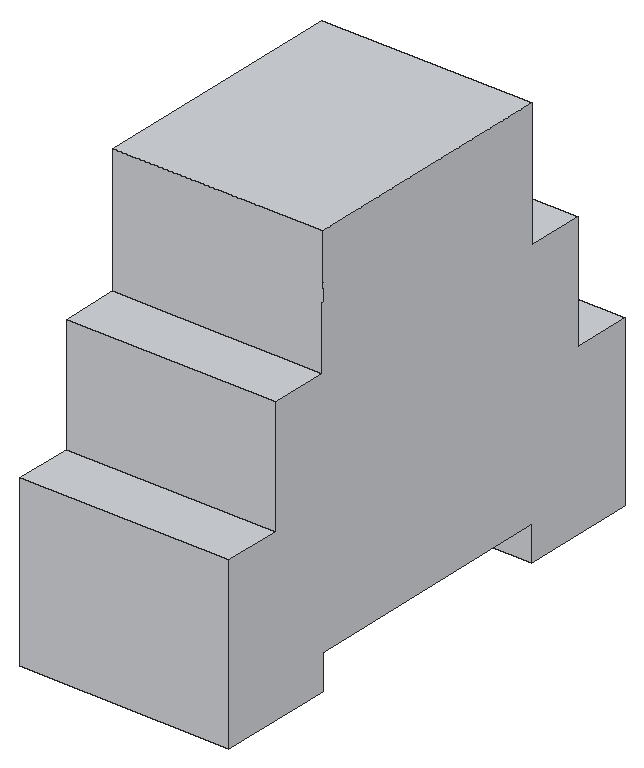
Revit family "Power-ModularDevices-GEWISS-90AM-BELL_TRANSFORMER", category Apparecchi elettrici, host Superficie, Revit 2016
Family settings
  Host = Superficie
  Mantenere orientamento annotazione = Sì
  Tipo di parte = Normale
  Quota connettore circolare = Usa diametro
  Numero OmniClass = 23.80.50.00
  Titolo OmniClass = Terminals for Power Supply
  Taglio con vuoti quando caricato = No
  Condiviso = No
  Punto di calcolo locali = Sì
Parameters (values of type "GW96403 - BELL 230V AC 2M. WITH TRANSFORMER")
  potenza in watt = 0 V
  carico = Altro
  Version file RFA = "18.0"
  URL = "https://www.gewiss.com/ww/en"
  Realized by GEWISS S.p.A. = ""
  Default Elevation = 1219.2 mm
  Produttore = "GEWISS S.p.A."
  Numero di poli_ = 1
  Modello = "GW96403"
  Immagine tipo = GW96408.jpg
  IFC.TypeObject = ""
  IFC.ExportType = ""
  IFC.ExportAs = ""
  IDF = "253cd50a-7af5-4766-8da6-f36dcc7ba399"
  Descrizione = "BELL 230V AC 2M. WITH TRANSFORMER"
  COBie.Tagnumber = ""
  COBie.CreatedOn = ""
  COBie.CreatebBy = ""
  COBie.ComponentRegisterItemID = ""
  COBie.Component.TagNumber = ""
  COBie.Component.Space = ""
  COBie.Component.SerialNumber = ""
  COBie.Component.InstallationDate = ""
  COBie.Component.Description = ""
  COBie.Component.BarCode = ""
  Barra_DIN [instance] = 71 mm
Values of the unnamed type that differ from the named types
  Version file RFA = ""
  IDF = ""
Reference planes
  plane 1 "Centro (Fronte/Retro)": y = 0
  plane 2: z = 0
  plane 3 "Centro (Sinistra/Destra)": x = 0
  plane 4: z = 71
Dimensions and locks
  "Barra_DIN": host face to plane 4
  aligned and locked: plane 2 to host face
  aligned and locked: level to host face
  aligned and locked: nested 1 to plane 4
Automatic sketch dimensions
  host sketch curve to host sketch curve = 2438.4 mm  (x2)
Nested families
  nested 1: "GENERICO - 90AM RONZATORI" at (0, 0, 6), type "GENERICO - 90AM RONZATORI"
Connectors
  electrical at (0, 42.5, 18.5), driven by "Numero di poli_", driven by "carico"
    settings: on nested 1, index 1, voltage 230 V, apparent load 0 VA, apparent load phase1 0 VA, apparent load phase2 0 VA, apparent load phase3 0 VA, power factor 1, load classification "Altro", number of poles 1, system type 31, power factor state 1, is connector primary yes, connector utility no, sub classification motor no, connector description ""
Definition of nested family "GENERICO - 90AM RONZATORI"
  Parameters (values of type "GENERICO - 90AM RONZATORI")
    h_barra din = if(Altezza barre = 1 mm, 69.9 mm, if(Altezza barre = 2 mm, 115.8 mm, 0 mm))  # 0 mm
    H = if(AB_O = 1, AB_V, if(AB_O = 2, AB_H, 50.8 mm))  # 50.8 mm
    Dist barra din = 0 mm  # constant formula
    C1 = 49 mm  # constant formula
    C = 65 mm  # constant formula
    B = 85 mm  # constant formula
    Altezza barre = 5 mm  # constant formula
    AB_V = 3 mm  # constant formula
    AB_H = 5 mm  # constant formula
    AB_O = 0  # constant formula
    A = 17.5 mm  # constant formula
  Reference planes
    plane 1 "Centro (Fronte/Retro)": y = 0
    plane 2: z = 0
    plane 3 "Centro (Sinistra/Destra)": x = 0
    plane 4: y = -42.5
    plane 5: y = 42.5
    plane 6: z = 0
    plane 7: z = -6
    plane 8 "top": z = 65
    plane 9 "incasso": z = 43
    plane 10: y = -22.5
    plane 11: y = 22.5
    plane 12: x = -8.75
    plane 13: x = 8.75
    plane 14: through (4267.2, -42.5, 9) normal (0, -0.1901, 0.9818)
    plane 15 "retro": z = 23
    plane 16: y = -32.5
    plane 17: y = 32.5
  Forms (mm)
    Extrusion 1, solid
      sketch origin (0, 0, 0) x (0, 1, 0) y (0, 0, 1)
        loop
          line (-22.5, 0) -> (22.5, 0) -> (22.5, -6) -> (42.5, -6) -> (42.5, 23) -> (32.5, 23) -> (32.5, 43) -> (22.5, 43) -> (22.5, 65) -> (-22.5, 65) -> (-22.5, 43) -> (-32.5, 43) -> (-32.5, 23) -> (-42.5, 23) -> (-42.5, -6) -> (-22.5, -6) -> (-22.5, 0)
      from -18 to 18
  Lines and regions (mm)
    symbolic lines
      curve 1: line (0, 0, 15) -> (0, 0, -6)
      curve 2: line (0, -22.5, 0) -> (0, 22.5, 0)
    model lines, detail levels medium+fine
      curve 3: circle (-4.005, 37.125, 23) r 2.5 normal (0, 0, 1)
      curve 4: circle (4.505, 37.125, 23) r 2.5 normal (0, 0, 1)
      curve 5: circle (4.505, -37.278, 23) r 2.5 normal (0, 0, 1)
      curve 6: circle (-4.005, -37.278, 23) r 2.5 normal (0, 0, 1)
      curve 92: line (-4.016, 12.5, 65) -> (-4.231, 11.981, 65)
      curve 93: line (-4.231, 11.981, 65) -> (-4.75, 11.766, 65)
      curve 94: line (-4.75, 11.766, 65) -> (-5.269, 11.981, 65)
      curve 95: line (-5.269, 11.981, 65) -> (-5.484, 12.5, 65)
      curve 96: line (-5.484, 12.5, 65) -> (-5.269, 13.019, 65)
      curve 97: line (-5.269, 13.019, 65) -> (-4.75, 13.234, 65)
      curve 98: line (-4.75, 13.234, 65) -> (-4.231, 13.019, 65)
      curve 99: line (-4.231, 13.019, 65) -> (-4.016, 12.5, 65)
      curve 100: line (0.984, 12.5, 65) -> (0.769, 11.981, 65)
      curve 101: line (0.769, 11.981, 65) -> (0.25, 11.766, 65)
      curve 102: line (0.25, 11.766, 65) -> (-0.269, 11.981, 65)
      curve 103: line (-0.269, 11.981, 65) -> (-0.484, 12.5, 65)
      curve 104: line (-0.484, 12.5, 65) -> (-0.269, 13.019, 65)
      curve 105: line (-0.269, 13.019, 65) -> (0.25, 13.234, 65)
      curve 106: line (0.25, 13.234, 65) -> (0.769, 13.019, 65)
      curve 107: line (0.769, 13.019, 65) -> (0.984, 12.5, 65)
      curve 108: line (5.984, 12.5, 65) -> (5.769, 11.981, 65)
      curve 109: line (5.769, 11.981, 65) -> (5.25, 11.766, 65)
      curve 110: line (5.25, 11.766, 65) -> (4.731, 11.981, 65)
      curve 111: line (4.731, 11.981, 65) -> (4.516, 12.5, 65)
      curve 112: line (4.516, 12.5, 65) -> (4.731, 13.019, 65)
      curve 113: line (4.731, 13.019, 65) -> (5.25, 13.234, 65)
      curve 114: line (5.25, 13.234, 65) -> (5.769, 13.019, 65)
      curve 115: line (5.769, 13.019, 65) -> (5.984, 12.5, 65)
      curve 116: line (-4.016, 7.5, 65) -> (-4.231, 6.981, 65)
      curve 117: line (-4.231, 6.981, 65) -> (-4.75, 6.766, 65)
      curve 118: line (-4.75, 6.766, 65) -> (-5.269, 6.981, 65)
      curve 119: line (-5.269, 6.981, 65) -> (-5.484, 7.5, 65)
      curve 120: line (-5.484, 7.5, 65) -> (-5.269, 8.019, 65)
      curve 121: line (-5.269, 8.019, 65) -> (-4.75, 8.234, 65)
      curve 122: line (-4.75, 8.234, 65) -> (-4.231, 8.019, 65)
      curve 123: line (-4.231, 8.019, 65) -> (-4.016, 7.5, 65)
      curve 124: line (0.984, 7.5, 65) -> (0.769, 6.981, 65)
      curve 125: line (0.769, 6.981, 65) -> (0.25, 6.766, 65)
      curve 126: line (0.25, 6.766, 65) -> (-0.269, 6.981, 65)
      curve 127: line (-0.269, 6.981, 65) -> (-0.484, 7.5, 65)
      curve 128: line (-0.484, 7.5, 65) -> (-0.269, 8.019, 65)
      curve 129: line (-0.269, 8.019, 65) -> (0.25, 8.234, 65)
      curve 130: line (0.25, 8.234, 65) -> (0.769, 8.019, 65)
      curve 131: line (0.769, 8.019, 65) -> (0.984, 7.5, 65)
      curve 132: line (5.984, 7.5, 65) -> (5.769, 6.981, 65)
      curve 133: line (5.769, 6.981, 65) -> (5.25, 6.766, 65)
      curve 134: line (5.25, 6.766, 65) -> (4.731, 6.981, 65)
      curve 135: line (4.731, 6.981, 65) -> (4.516, 7.5, 65)
      curve 136: line (4.516, 7.5, 65) -> (4.731, 8.019, 65)
      curve 137: line (4.731, 8.019, 65) -> (5.25, 8.234, 65)
      curve 138: line (5.25, 8.234, 65) -> (5.769, 8.019, 65)
      curve 139: line (5.769, 8.019, 65) -> (5.984, 7.5, 65)
      curve 140: line (-4.016, 2.5, 65) -> (-4.231, 1.981, 65)
      curve 141: line (-4.231, 1.981, 65) -> (-4.75, 1.766, 65)
      curve 142: line (-4.75, 1.766, 65) -> (-5.269, 1.981, 65)
      curve 143: line (-5.269, 1.981, 65) -> (-5.484, 2.5, 65)
      curve 144: line (-5.484, 2.5, 65) -> (-5.269, 3.019, 65)
      curve 145: line (-5.269, 3.019, 65) -> (-4.75, 3.234, 65)
      curve 146: line (-4.75, 3.234, 65) -> (-4.231, 3.019, 65)
      curve 147: line (-4.231, 3.019, 65) -> (-4.016, 2.5, 65)
      curve 148: line (0.984, 2.5, 65) -> (0.769, 1.981, 65)
      curve 149: line (0.769, 1.981, 65) -> (0.25, 1.766, 65)
      curve 150: line (0.25, 1.766, 65) -> (-0.269, 1.981, 65)
      curve 151: line (-0.269, 1.981, 65) -> (-0.484, 2.5, 65)
      curve 152: line (-0.484, 2.5, 65) -> (-0.269, 3.019, 65)
      curve 153: line (-0.269, 3.019, 65) -> (0.25, 3.234, 65)
      curve 154: line (0.25, 3.234, 65) -> (0.769, 3.019, 65)
      curve 155: line (0.769, 3.019, 65) -> (0.984, 2.5, 65)
      curve 156: line (5.984, 2.5, 65) -> (5.769, 1.981, 65)
      curve 157: line (5.769, 1.981, 65) -> (5.25, 1.766, 65)
      curve 158: line (5.25, 1.766, 65) -> (4.731, 1.981, 65)
      curve 159: line (4.731, 1.981, 65) -> (4.516, 2.5, 65)
      curve 160: line (4.516, 2.5, 65) -> (4.731, 3.019, 65)
      curve 161: line (4.731, 3.019, 65) -> (5.25, 3.234, 65)
      curve 162: line (5.25, 3.234, 65) -> (5.769, 3.019, 65)
      curve 163: line (5.769, 3.019, 65) -> (5.984, 2.5, 65)
      curve 164: line (-4.016, -2.5, 65) -> (-4.231, -3.019, 65)
      curve 165: line (-4.231, -3.019, 65) -> (-4.75, -3.234, 65)
      curve 166: line (-4.75, -3.234, 65) -> (-5.269, -3.019, 65)
      curve 167: line (-5.269, -3.019, 65) -> (-5.484, -2.5, 65)
      curve 168: line (-5.484, -2.5, 65) -> (-5.269, -1.981, 65)
      curve 169: line (-5.269, -1.981, 65) -> (-4.75, -1.766, 65)
      curve 170: line (-4.75, -1.766, 65) -> (-4.231, -1.981, 65)
      curve 171: line (-4.231, -1.981, 65) -> (-4.016, -2.5, 65)
      curve 172: line (0.984, -2.5, 65) -> (0.769, -3.019, 65)
      curve 173: line (0.769, -3.019, 65) -> (0.25, -3.234, 65)
      curve 174: line (0.25, -3.234, 65) -> (-0.269, -3.019, 65)
      curve 175: line (-0.269, -3.019, 65) -> (-0.484, -2.5, 65)
      curve 176: line (-0.484, -2.5, 65) -> (-0.269, -1.981, 65)
      curve 177: line (-0.269, -1.981, 65) -> (0.25, -1.766, 65)
      curve 178: line (0.25, -1.766, 65) -> (0.769, -1.981, 65)
      curve 179: line (0.769, -1.981, 65) -> (0.984, -2.5, 65)
      curve 180: line (5.984, -2.5, 65) -> (5.769, -3.019, 65)
      curve 181: line (5.769, -3.019, 65) -> (5.25, -3.234, 65)
      curve 182: line (5.25, -3.234, 65) -> (4.731, -3.019, 65)
      curve 183: line (4.731, -3.019, 65) -> (4.516, -2.5, 65)
      curve 184: line (4.516, -2.5, 65) -> (4.731, -1.981, 65)
      curve 185: line (4.731, -1.981, 65) -> (5.25, -1.766, 65)
      curve 186: line (5.25, -1.766, 65) -> (5.769, -1.981, 65)
      curve 187: line (5.769, -1.981, 65) -> (5.984, -2.5, 65)
      curve 188: line (-4.016, -7.5, 65) -> (-4.231, -8.019, 65)
      curve 189: line (-4.231, -8.019, 65) -> (-4.75, -8.234, 65)
      curve 190: line (-4.75, -8.234, 65) -> (-5.269, -8.019, 65)
      curve 191: line (-5.269, -8.019, 65) -> (-5.484, -7.5, 65)
      curve 192: line (-5.484, -7.5, 65) -> (-5.269, -6.981, 65)
      curve 193: line (-5.269, -6.981, 65) -> (-4.75, -6.766, 65)
      curve 194: line (-4.75, -6.766, 65) -> (-4.231, -6.981, 65)
      curve 195: line (-4.231, -6.981, 65) -> (-4.016, -7.5, 65)
      curve 196: line (0.984, -7.5, 65) -> (0.769, -8.019, 65)
      curve 197: line (0.769, -8.019, 65) -> (0.25, -8.234, 65)
      curve 198: line (0.25, -8.234, 65) -> (-0.269, -8.019, 65)
      curve 199: line (-0.269, -8.019, 65) -> (-0.484, -7.5, 65)
      curve 200: line (-0.484, -7.5, 65) -> (-0.269, -6.981, 65)
      curve 201: line (-0.269, -6.981, 65) -> (0.25, -6.766, 65)
      curve 202: line (0.25, -6.766, 65) -> (0.769, -6.981, 65)
      curve 203: line (0.769, -6.981, 65) -> (0.984, -7.5, 65)
      curve 204: line (5.984, -7.5, 65) -> (5.769, -8.019, 65)
      curve 205: line (5.769, -8.019, 65) -> (5.25, -8.234, 65)
      curve 206: line (5.25, -8.234, 65) -> (4.731, -8.019, 65)
      curve 207: line (4.731, -8.019, 65) -> (4.516, -7.5, 65)
      curve 208: line (4.516, -7.5, 65) -> (4.731, -6.981, 65)
      curve 209: line (4.731, -6.981, 65) -> (5.25, -6.766, 65)
      curve 210: line (5.25, -6.766, 65) -> (5.769, -6.981, 65)
      curve 211: line (5.769, -6.981, 65) -> (5.984, -7.5, 65)
      curve 212: line (-14.016, 12.5, 65) -> (-14.231, 11.981, 65)
      curve 213: line (-14.231, 11.981, 65) -> (-14.75, 11.766, 65)
      curve 214: line (-14.75, 11.766, 65) -> (-15.269, 11.981, 65)
      curve 215: line (-15.269, 11.981, 65) -> (-15.484, 12.5, 65)
      curve 216: line (-15.484, 12.5, 65) -> (-15.269, 13.019, 65)
      curve 217: line (-15.269, 13.019, 65) -> (-14.75, 13.234, 65)
      curve 218: line (-14.75, 13.234, 65) -> (-14.231, 13.019, 65)
      curve 219: line (-14.231, 13.019, 65) -> (-14.016, 12.5, 65)
      curve 220: line (-9.016, 12.5, 65) -> (-9.231, 11.981, 65)
      curve 221: line (-9.231, 11.981, 65) -> (-9.75, 11.766, 65)
      curve 222: line (-9.75, 11.766, 65) -> (-10.269, 11.981, 65)
      curve 223: line (-10.269, 11.981, 65) -> (-10.484, 12.5, 65)
      curve 224: line (-10.484, 12.5, 65) -> (-10.269, 13.019, 65)
      curve 225: line (-10.269, 13.019, 65) -> (-9.75, 13.234, 65)
      curve 226: line (-9.75, 13.234, 65) -> (-9.231, 13.019, 65)
      curve 227: line (-9.231, 13.019, 65) -> (-9.016, 12.5, 65)
      curve 228: line (-14.016, 7.5, 65) -> (-14.231, 6.981, 65)
      curve 229: line (-14.231, 6.981, 65) -> (-14.75, 6.766, 65)
      curve 230: line (-14.75, 6.766, 65) -> (-15.269, 6.981, 65)
      curve 231: line (-15.269, 6.981, 65) -> (-15.484, 7.5, 65)
      curve 232: line (-15.484, 7.5, 65) -> (-15.269, 8.019, 65)
      curve 233: line (-15.269, 8.019, 65) -> (-14.75, 8.234, 65)
      curve 234: line (-14.75, 8.234, 65) -> (-14.231, 8.019, 65)
      curve 235: line (-14.231, 8.019, 65) -> (-14.016, 7.5, 65)
      curve 236: line (-9.016, 7.5, 65) -> (-9.231, 6.981, 65)
      curve 237: line (-9.231, 6.981, 65) -> (-9.75, 6.766, 65)
      curve 238: line (-9.75, 6.766, 65) -> (-10.269, 6.981, 65)
      curve 239: line (-10.269, 6.981, 65) -> (-10.484, 7.5, 65)
      curve 240: line (-10.484, 7.5, 65) -> (-10.269, 8.019, 65)
      curve 241: line (-10.269, 8.019, 65) -> (-9.75, 8.234, 65)
      curve 242: line (-9.75, 8.234, 65) -> (-9.231, 8.019, 65)
      curve 243: line (-9.231, 8.019, 65) -> (-9.016, 7.5, 65)
      curve 244: line (-14.016, 2.5, 65) -> (-14.231, 1.981, 65)
      curve 245: line (-14.231, 1.981, 65) -> (-14.75, 1.766, 65)
      curve 246: line (-14.75, 1.766, 65) -> (-15.269, 1.981, 65)
      curve 247: line (-15.269, 1.981, 65) -> (-15.484, 2.5, 65)
      curve 248: line (-15.484, 2.5, 65) -> (-15.269, 3.019, 65)
      curve 249: line (-15.269, 3.019, 65) -> (-14.75, 3.234, 65)
      curve 250: line (-14.75, 3.234, 65) -> (-14.231, 3.019, 65)
      curve 251: line (-14.231, 3.019, 65) -> (-14.016, 2.5, 65)
      curve 252: line (-9.016, 2.5, 65) -> (-9.231, 1.981, 65)
      curve 253: line (-9.231, 1.981, 65) -> (-9.75, 1.766, 65)
      curve 254: line (-9.75, 1.766, 65) -> (-10.269, 1.981, 65)
      curve 255: line (-10.269, 1.981, 65) -> (-10.484, 2.5, 65)
      curve 256: line (-10.484, 2.5, 65) -> (-10.269, 3.019, 65)
      curve 257: line (-10.269, 3.019, 65) -> (-9.75, 3.234, 65)
      curve 258: line (-9.75, 3.234, 65) -> (-9.231, 3.019, 65)
      curve 259: line (-9.231, 3.019, 65) -> (-9.016, 2.5, 65)
      curve 260: line (-14.016, -2.5, 65) -> (-14.231, -3.019, 65)
      curve 261: line (-14.231, -3.019, 65) -> (-14.75, -3.234, 65)
      curve 262: line (-14.75, -3.234, 65) -> (-15.269, -3.019, 65)
      curve 263: line (-15.269, -3.019, 65) -> (-15.484, -2.5, 65)
      curve 264: line (-15.484, -2.5, 65) -> (-15.269, -1.981, 65)
      curve 265: line (-15.269, -1.981, 65) -> (-14.75, -1.766, 65)
      curve 266: line (-14.75, -1.766, 65) -> (-14.231, -1.981, 65)
      curve 267: line (-14.231, -1.981, 65) -> (-14.016, -2.5, 65)
      curve 268: line (-9.016, -2.5, 65) -> (-9.231, -3.019, 65)
      curve 269: line (-9.231, -3.019, 65) -> (-9.75, -3.234, 65)
      curve 270: line (-9.75, -3.234, 65) -> (-10.269, -3.019, 65)
      curve 271: line (-10.269, -3.019, 65) -> (-10.484, -2.5, 65)
      curve 272: line (-10.484, -2.5, 65) -> (-10.269, -1.981, 65)
      curve 273: line (-10.269, -1.981, 65) -> (-9.75, -1.766, 65)
      curve 274: line (-9.75, -1.766, 65) -> (-9.231, -1.981, 65)
      curve 275: line (-9.231, -1.981, 65) -> (-9.016, -2.5, 65)
      curve 276: line (-14.016, -7.5, 65) -> (-14.231, -8.019, 65)
      curve 277: line (-14.231, -8.019, 65) -> (-14.75, -8.234, 65)
      curve 278: line (-14.75, -8.234, 65) -> (-15.269, -8.019, 65)
      curve 279: line (-15.269, -8.019, 65) -> (-15.484, -7.5, 65)
      curve 280: line (-15.484, -7.5, 65) -> (-15.269, -6.981, 65)
      curve 281: line (-15.269, -6.981, 65) -> (-14.75, -6.766, 65)
      curve 282: line (-14.75, -6.766, 65) -> (-14.231, -6.981, 65)
      curve 283: line (-14.231, -6.981, 65) -> (-14.016, -7.5, 65)
      curve 284: line (-9.016, -7.5, 65) -> (-9.231, -8.019, 65)
      curve 285: line (-9.231, -8.019, 65) -> (-9.75, -8.234, 65)
      curve 286: line (-9.75, -8.234, 65) -> (-10.269, -8.019, 65)
      curve 287: line (-10.269, -8.019, 65) -> (-10.484, -7.5, 65)
      curve 288: line (-10.484, -7.5, 65) -> (-10.269, -6.981, 65)
      curve 289: line (-10.269, -6.981, 65) -> (-9.75, -6.766, 65)
      curve 290: line (-9.75, -6.766, 65) -> (-9.231, -6.981, 65)
      curve 291: line (-9.231, -6.981, 65) -> (-9.016, -7.5, 65)
      curve 292: line (10.984, 12.5, 65) -> (10.769, 11.981, 65)
      curve 293: line (10.769, 11.981, 65) -> (10.25, 11.766, 65)
      curve 294: line (10.25, 11.766, 65) -> (9.731, 11.981, 65)
      curve 295: line (9.731, 11.981, 65) -> (9.516, 12.5, 65)
      curve 296: line (9.516, 12.5, 65) -> (9.731, 13.019, 65)
      curve 297: line (9.731, 13.019, 65) -> (10.25, 13.234, 65)
      curve 298: line (10.25, 13.234, 65) -> (10.769, 13.019, 65)
      curve 299: line (10.769, 13.019, 65) -> (10.984, 12.5, 65)
      curve 300: line (15.984, 12.5, 65) -> (15.769, 11.981, 65)
      curve 301: line (15.769, 11.981, 65) -> (15.25, 11.766, 65)
      curve 302: line (15.25, 11.766, 65) -> (14.731, 11.981, 65)
      curve 303: line (14.731, 11.981, 65) -> (14.516, 12.5, 65)
      curve 304: line (14.516, 12.5, 65) -> (14.731, 13.019, 65)
      curve 305: line (14.731, 13.019, 65) -> (15.25, 13.234, 65)
      curve 306: line (15.25, 13.234, 65) -> (15.769, 13.019, 65)
      curve 307: line (15.769, 13.019, 65) -> (15.984, 12.5, 65)
      curve 308: line (10.984, 7.5, 65) -> (10.769, 6.981, 65)
      curve 309: line (10.769, 6.981, 65) -> (10.25, 6.766, 65)
      curve 310: line (10.25, 6.766, 65) -> (9.731, 6.981, 65)
      curve 311: line (9.731, 6.981, 65) -> (9.516, 7.5, 65)
      curve 312: line (9.516, 7.5, 65) -> (9.731, 8.019, 65)
      curve 313: line (9.731, 8.019, 65) -> (10.25, 8.234, 65)
      curve 314: line (10.25, 8.234, 65) -> (10.769, 8.019, 65)
      curve 315: line (10.769, 8.019, 65) -> (10.984, 7.5, 65)
      curve 316: line (15.984, 7.5, 65) -> (15.769, 6.981, 65)
      curve 317: line (15.769, 6.981, 65) -> (15.25, 6.766, 65)
      curve 318: line (15.25, 6.766, 65) -> (14.731, 6.981, 65)
      curve 319: line (14.731, 6.981, 65) -> (14.516, 7.5, 65)
      curve 320: line (14.516, 7.5, 65) -> (14.731, 8.019, 65)
      curve 321: line (14.731, 8.019, 65) -> (15.25, 8.234, 65)
      curve 322: line (15.25, 8.234, 65) -> (15.769, 8.019, 65)
      curve 323: line (15.769, 8.019, 65) -> (15.984, 7.5, 65)
      curve 324: line (10.984, 2.5, 65) -> (10.769, 1.981, 65)
      curve 325: line (10.769, 1.981, 65) -> (10.25, 1.766, 65)
      curve 326: line (10.25, 1.766, 65) -> (9.731, 1.981, 65)
      curve 327: line (9.731, 1.981, 65) -> (9.516, 2.5, 65)
      curve 328: line (9.516, 2.5, 65) -> (9.731, 3.019, 65)
      curve 329: line (9.731, 3.019, 65) -> (10.25, 3.234, 65)
      curve 330: line (10.25, 3.234, 65) -> (10.769, 3.019, 65)
      curve 331: line (10.769, 3.019, 65) -> (10.984, 2.5, 65)
      curve 332: line (15.984, 2.5, 65) -> (15.769, 1.981, 65)
      curve 333: line (15.769, 1.981, 65) -> (15.25, 1.766, 65)
      curve 334: line (15.25, 1.766, 65) -> (14.731, 1.981, 65)
      curve 335: line (14.731, 1.981, 65) -> (14.516, 2.5, 65)
      curve 336: line (14.516, 2.5, 65) -> (14.731, 3.019, 65)
      curve 337: line (14.731, 3.019, 65) -> (15.25, 3.234, 65)
      curve 338: line (15.25, 3.234, 65) -> (15.769, 3.019, 65)
      curve 339: line (15.769, 3.019, 65) -> (15.984, 2.5, 65)
      curve 340: line (10.984, -2.5, 65) -> (10.769, -3.019, 65)
      curve 341: line (10.769, -3.019, 65) -> (10.25, -3.234, 65)
      curve 342: line (10.25, -3.234, 65) -> (9.731, -3.019, 65)
      curve 343: line (9.731, -3.019, 65) -> (9.516, -2.5, 65)
      curve 344: line (9.516, -2.5, 65) -> (9.731, -1.981, 65)
      curve 345: line (9.731, -1.981, 65) -> (10.25, -1.766, 65)
      curve 346: line (10.25, -1.766, 65) -> (10.769, -1.981, 65)
      curve 347: line (10.769, -1.981, 65) -> (10.984, -2.5, 65)
      curve 348: line (15.984, -2.5, 65) -> (15.769, -3.019, 65)
      curve 349: line (15.769, -3.019, 65) -> (15.25, -3.234, 65)
      curve 350: line (15.25, -3.234, 65) -> (14.731, -3.019, 65)
      curve 351: line (14.731, -3.019, 65) -> (14.516, -2.5, 65)
      curve 352: line (14.516, -2.5, 65) -> (14.731, -1.981, 65)
      curve 353: line (14.731, -1.981, 65) -> (15.25, -1.766, 65)
      curve 354: line (15.25, -1.766, 65) -> (15.769, -1.981, 65)
      curve 355: line (15.769, -1.981, 65) -> (15.984, -2.5, 65)
      curve 356: line (10.984, -7.5, 65) -> (10.769, -8.019, 65)
      curve 357: line (10.769, -8.019, 65) -> (10.25, -8.234, 65)
      curve 358: line (10.25, -8.234, 65) -> (9.731, -8.019, 65)
      curve 359: line (9.731, -8.019, 65) -> (9.516, -7.5, 65)
      curve 360: line (9.516, -7.5, 65) -> (9.731, -6.981, 65)
      curve 361: line (9.731, -6.981, 65) -> (10.25, -6.766, 65)
      curve 362: line (10.25, -6.766, 65) -> (10.769, -6.981, 65)
      curve 363: line (10.769, -6.981, 65) -> (10.984, -7.5, 65)
      curve 364: line (15.984, -7.5, 65) -> (15.769, -8.019, 65)
      curve 365: line (15.769, -8.019, 65) -> (15.25, -8.234, 65)
      curve 366: line (15.25, -8.234, 65) -> (14.731, -8.019, 65)
      curve 367: line (14.731, -8.019, 65) -> (14.516, -7.5, 65)
      curve 368: line (14.516, -7.5, 65) -> (14.731, -6.981, 65)
      curve 369: line (14.731, -6.981, 65) -> (15.25, -6.766, 65)
      curve 370: line (15.25, -6.766, 65) -> (15.769, -6.981, 65)
      curve 371: line (15.769, -6.981, 65) -> (15.984, -7.5, 65)
      curve 372: circle (12.967, 37.125, 23) r 2.5 normal (0, 0, 1)
      curve 373: circle (-12.508, 37.125, 23) r 2.5 normal (0, 0, 1)
      curve 374: circle (13.018, -37.278, 23) r 2.5 normal (0, 0, 1)
      curve 375: circle (-12.473, -37.278, 23) r 2.5 normal (0, 0, 1)
    model lines, detail levels fine
      curve 7: line (-14.299, -19.371, 65) -> (-14.299, -21.488, 65)
      curve 8: line (-14.299, -21.488, 65) -> (-15.008, -21.488, 65)
      curve 9: line (-15.008, -21.488, 65) -> (-15.419, -21.436, 65)
      curve 10: line (-15.419, -21.436, 65) -> (-15.923, -21.213, 65)
      curve 11: line (-15.923, -21.213, 65) -> (-16.322, -20.842, 65)
      curve 12: line (-16.322, -20.842, 65) -> (-16.587, -20.343, 65)
      curve 13: line (-16.587, -20.343, 65) -> (-16.669, -19.81, 65)
      curve 14: line (-16.669, -19.81, 65) -> (-16.589, -19.32, 65)
      curve 15: line (-16.589, -19.32, 65) -> (-16.377, -18.887, 65)
      curve 16: line (-16.377, -18.887, 65) -> (-15.995, -18.492, 65)
      curve 17: line (-15.995, -18.492, 65) -> (-15.534, -18.252, 65)
      curve 18: line (-15.534, -18.252, 65) -> (-15.015, -18.166, 65)
      curve 19: line (-15.015, -18.166, 65) -> (-14.299, -18.166, 65)
      curve 20: line (-14.299, -18.166, 65) -> (-14.299, -19.079, 65)
      curve 21: line (-14.299, -19.079, 65) -> (-15.504, -19.079, 65)
      curve 22: line (-15.504, -19.079, 65) -> (-15.504, -20.575, 65)
      curve 23: line (-15.504, -20.575, 65) -> (-15.21, -20.575, 65)
      curve 24: line (-15.21, -20.575, 65) -> (-15.21, -19.371, 65)
      curve 25: line (-15.21, -19.371, 65) -> (-14.299, -19.371, 65)
      curve 26: line (-11.434, -21.488, 65) -> (-14.007, -21.488, 65)
      curve 27: line (-14.007, -21.488, 65) -> (-14.007, -18.166, 65)
      curve 28: line (-14.007, -18.166, 65) -> (-12.638, -18.166, 65)
      curve 29: line (-12.638, -18.166, 65) -> (-12.638, -19.079, 65)
      curve 30: line (-12.638, -19.079, 65) -> (-13.095, -19.079, 65)
      curve 31: line (-13.095, -19.079, 65) -> (-13.095, -19.371, 65)
      curve 32: line (-13.095, -19.371, 65) -> (-11.434, -19.371, 65)
      curve 33: line (-11.434, -19.371, 65) -> (-11.434, -20.283, 65)
      curve 34: line (-11.434, -20.283, 65) -> (-13.094, -20.283, 65)
      curve 35: line (-13.094, -20.283, 65) -> (-13.094, -20.575, 65)
      curve 36: line (-13.094, -20.575, 65) -> (-11.434, -20.575, 65)
      curve 37: line (-11.434, -20.575, 65) -> (-11.434, -21.488, 65)
      curve 38: line (-6.781, -21.488, 65) -> (-6.781, -19.371, 65)
      curve 39: line (-6.781, -19.371, 65) -> (-7.693, -19.371, 65)
      curve 40: line (-7.693, -19.371, 65) -> (-7.693, -21.488, 65)
      curve 41: line (-7.693, -21.488, 65) -> (-6.781, -21.488, 65)
      curve 42: line (-9.837, -21.488, 65) -> (-9.564, -20.119, 65)
      curve 43: line (-9.564, -20.119, 65) -> (-9.29, -21.488, 65)
      curve 44: line (-9.29, -21.488, 65) -> (-8.378, -21.488, 65)
      curve 45: line (-8.378, -21.488, 65) -> (-7.812, -19.079, 65)
      curve 46: line (-7.812, -19.079, 65) -> (-6.781, -19.079, 65)
      curve 47: line (-6.781, -19.079, 65) -> (-6.781, -18.166, 65)
      curve 48: line (-6.781, -18.166, 65) -> (-8.533, -18.166, 65)
      curve 49: line (-8.533, -18.166, 65) -> (-8.861, -19.572, 65)
      curve 50: line (-8.861, -19.572, 65) -> (-9.089, -18.166, 65)
      curve 51: line (-9.089, -18.166, 65) -> (-10.038, -18.166, 65)
      curve 52: line (-10.038, -18.166, 65) -> (-10.266, -19.572, 65)
      curve 53: line (-10.266, -19.572, 65) -> (-10.595, -18.166, 65)
      curve 54: line (-10.595, -18.166, 65) -> (-12.346, -18.166, 65)
      curve 55: line (-12.346, -18.166, 65) -> (-12.346, -19.079, 65)
      curve 56: line (-12.346, -19.079, 65) -> (-11.315, -19.079, 65)
      curve 57: line (-11.315, -19.079, 65) -> (-10.751, -21.488, 65)
      curve 58: line (-10.751, -21.488, 65) -> (-9.837, -21.488, 65)
      curve 59: line (-3.916, -18.166, 65) -> (-6.489, -18.166, 65)
      curve 60: line (-6.489, -18.166, 65) -> (-6.489, -20.283, 65)
      curve 61: line (-6.489, -20.283, 65) -> (-4.828, -20.283, 65)
      curve 62: line (-4.828, -20.283, 65) -> (-4.828, -20.575, 65)
      curve 63: line (-4.828, -20.575, 65) -> (-6.489, -20.575, 65)
      curve 64: line (-6.489, -20.575, 65) -> (-6.489, -21.488, 65)
      curve 65: line (-6.489, -21.488, 65) -> (-3.916, -21.488, 65)
      curve 66: line (-3.916, -21.488, 65) -> (-3.916, -19.371, 65)
      curve 67: line (-3.916, -19.371, 65) -> (-5.576, -19.371, 65)
      curve 68: line (-5.576, -19.371, 65) -> (-5.576, -19.079, 65)
      curve 69: line (-5.576, -19.079, 65) -> (-3.916, -19.079, 65)
      curve 70: line (-3.916, -19.079, 65) -> (-3.916, -18.166, 65)
      curve 71: line (-3.624, -18.166, 65) -> (-3.624, -20.283, 65)
      curve 72: line (-3.624, -20.283, 65) -> (-2.075, -20.283, 65)
      curve 73: line (-2.075, -20.283, 65) -> (-2.075, -20.575, 65)
      curve 74: line (-2.075, -20.575, 65) -> (-3.624, -20.575, 65)
      curve 75: line (-3.624, -20.575, 65) -> (-3.624, -21.488, 65)
      curve 76: line (-3.624, -21.488, 65) -> (-2.712, -21.488, 65)
      curve 77: line (-2.712, -21.488, 65) -> (-2.185, -21.318, 65)
      curve 78: line (-2.185, -21.318, 65) -> (-1.845, -21.097, 65)
      curve 79: line (-1.845, -21.097, 65) -> (-1.455, -20.619, 65)
      curve 80: line (-1.455, -20.619, 65) -> (-1.274, -20.083, 65)
      curve 81: line (-1.274, -20.083, 65) -> (-1.269, -19.607, 65)
      curve 82: line (-1.269, -19.607, 65) -> (-1.318, -19.371, 65)
      curve 83: line (-1.318, -19.371, 65) -> (-2.712, -19.371, 65)
      curve 84: line (-2.712, -19.371, 65) -> (-2.712, -19.079, 65)
      curve 85: line (-2.712, -19.079, 65) -> (-1.443, -19.079, 65)
      curve 86: line (-1.443, -19.079, 65) -> (-1.607, -18.803, 65)
      curve 87: line (-1.607, -18.803, 65) -> (-1.845, -18.557, 65)
      curve 88: line (-1.845, -18.557, 65) -> (-2.175, -18.34, 65)
      curve 89: line (-2.175, -18.34, 65) -> (-2.52, -18.214, 65)
      curve 90: line (-2.52, -18.214, 65) -> (-2.908, -18.166, 65)
      curve 91: line (-2.908, -18.166, 65) -> (-3.624, -18.166, 65)
  Text (mm)
    text "AB_V" at (0, 50.868, 44.72), in view "Destra"
    text "AB_O" at (0, -80.659, 111.963), in view "Destra"
  Dimensions and locks
    equal spacing: plane 4, plane 1 "Centro (Fronte/Retro)", plane 5
    "B": plane 4 to plane 5
    "Dist barra din": plane 6 to level
    locked: plane 6 to plane 7 at 6
    "C": plane 8 "top" to plane 6
    equal spacing: plane 10, plane 1 "Centro (Fronte/Retro)", plane 11
    plane 10 to plane 11 = 45 mm
    equal spacing: plane 12, plane 3 "Centro (Sinistra/Destra)", plane 13
    "A": plane 12 to plane 13
    "C1": plane 9 "incasso" to plane 7
    locked: plane 16 to plane 10 at 10
    locked: plane 11 to plane 17 at 10
    angle level to plane 14 = 10.9557°
    angle plane 4 to plane 8 "top" = 90.00°
    aligned and locked: level to plane 2
    aligned and locked: Extrusion 1 sketch curve to plane 6
    aligned and locked: Extrusion 1 sketch curve to plane 7
    aligned and locked: Extrusion 1 sketch curve to plane 4
    aligned and locked: Extrusion 1 sketch curve to plane 11  (x2)
    aligned and locked: Extrusion 1 sketch curve to plane 10
    aligned and locked: plane 1 "Centro (Fronte/Retro)" to curve 1
    aligned and locked: Extrusion 1 to plane 6
    aligned and locked: plane 10 to Extrusion 1 sketch curve
    aligned and locked: Extrusion 1 sketch curve to plane 9 "incasso"
    aligned and locked: plane 9 "incasso" to Extrusion 1 sketch curve
    aligned and locked: Extrusion 1 sketch curve to plane 5
    aligned and locked: Extrusion 1 sketch curve to plane 16
    aligned and locked: Extrusion 1 sketch curve to plane 17
    aligned and locked: Extrusion 1 sketch curve to plane 15 "retro"
    aligned and locked: plane 15 "retro" to Extrusion 1 sketch curve
  Automatic sketch dimensions
    Extrusion 1 sketch curve to plane 7 = 0 mm
    Extrusion 1 sketch curve to plane 8 "top" = 0 mm
    curve 2 to level = 0 mm
    curve 2 to plane 10 = 0 mm
    curve 2 to plane 11 = 0 mm
    curve 1 to plane 7 = 0 mm
    plane 15 "retro" to curve 1 = 8 mm
    plane 12 to curve 98 = 4 mm
    curve 98 to plane 11 = 9.266 mm
    curve 114 to plane 13 = 3.5 mm
    curve 114 to plane 11 = 9.266 mm
    plane 3 "Centro (Sinistra/Destra)" to curve 105 = 0.25 mm
    curve 97 to curve 105 = 0 mm
    plane 12 to curve 96 = 3.481 mm
    curve 97 to curve 96 = 0.215 mm
    curve 115 to plane 13 = 2.981 mm
    curve 113 to curve 115 = 0.215 mm
    curve 98 to plane 3 "Centro (Sinistra/Destra)" = 4.231 mm
    curve 97 to curve 98 = 0.215 mm
    curve 104 to plane 3 "Centro (Sinistra/Destra)" = 0.269 mm
    curve 105 to curve 104 = 0.215 mm
    curve 112 to plane 13 = 4.019 mm
    curve 114 to curve 112 = 0.215 mm
    plane 3 "Centro (Sinistra/Destra)" to curve 107 = 0.769 mm
    curve 105 to curve 107 = 0.215 mm
    curve 111 to plane 13 = 4.234 mm
    curve 112 to curve 111 = 0.519 mm
    plane 12 to curve 95 = 3.266 mm
    curve 96 to curve 95 = 0.519 mm
    curve 99 to plane 3 "Centro (Sinistra/Destra)" = 4.016 mm
    curve 98 to curve 99 = 0.519 mm
    plane 3 "Centro (Sinistra/Destra)" to curve 100 = 0.984 mm
    curve 106 to curve 100 = 0.519 mm
    curve 108 to plane 13 = 2.766 mm
    curve 114 to curve 108 = 0.519 mm
    curve 104 to plane 3 "Centro (Sinistra/Destra)" = 0.484 mm
    curve 104 to curve 104 = 0.519 mm
    curve 102 to plane 3 "Centro (Sinistra/Destra)" = 0.269 mm
    curve 103 to curve 102 = 0.519 mm
    plane 12 to curve 94 = 3.481 mm
    curve 96 to curve 94 = 0.519 mm
    curve 110 to plane 13 = 4.019 mm
    curve 111 to curve 110 = 0.519 mm
    curve 109 to plane 13 = 2.981 mm
    curve 108 to curve 109 = 0.519 mm
    curve 92 to plane 3 "Centro (Sinistra/Destra)" = 4.231 mm
    curve 92 to curve 92 = 0.519 mm
    plane 3 "Centro (Sinistra/Destra)" to curve 100 = 0.769 mm
    curve 100 to curve 100 = 0.519 mm
    plane 3 "Centro (Sinistra/Destra)" to curve 101 = 0.25 mm
    curve 100 to curve 101 = 0.215 mm
    curve 109 to plane 13 = 3.5 mm
    curve 110 to curve 109 = 0.215 mm
    plane 12 to curve 94 = 4 mm
    curve 94 to curve 94 = 0.215 mm
    curve 138 to plane 13 = 3.5 mm
    curve 109 to curve 138 = 3.531 mm
    plane 12 to curve 122 = 4 mm
    curve 93 to curve 122 = 3.531 mm
    plane 3 "Centro (Sinistra/Destra)" to curve 130 = 0.25 mm
    curve 101 to curve 130 = 3.531 mm
    plane 3 "Centro (Sinistra/Destra)" to curve 131 = 0.769 mm
    curve 129 to curve 131 = 0.215 mm
    curve 137 to curve 137 = 0.215 mm
    plane 12 to curve 120 = 3.481 mm
    curve 121 to curve 120 = 0.215 mm
    curve 128 to plane 3 "Centro (Sinistra/Destra)" = 0.269 mm
    curve 129 to curve 128 = 0.215 mm
    curve 138 to plane 13 = 2.981 mm
    curve 137 to curve 138 = 0.215 mm
    curve 121 to curve 123 = 0.215 mm
    curve 136 to curve 136 = 0.519 mm
    curve 128 to plane 3 "Centro (Sinistra/Destra)" = 0.484 mm
    curve 128 to curve 128 = 0.519 mm
    plane 3 "Centro (Sinistra/Destra)" to curve 124 = 0.984 mm
    curve 130 to curve 124 = 0.519 mm
    curve 122 to curve 116 = 0.519 mm
    plane 12 to curve 120 = 3.266 mm
    curve 120 to curve 120 = 0.519 mm
    curve 132 to plane 13 = 2.766 mm
    curve 138 to curve 132 = 0.519 mm
    plane 3 "Centro (Sinistra/Destra)" to curve 124 = 0.769 mm
    curve 124 to curve 124 = 0.519 mm
    curve 116 to curve 117 = 0.519 mm
    curve 126 to plane 3 "Centro (Sinistra/Destra)" = 0.269 mm
    curve 127 to curve 126 = 0.519 mm
    curve 135 to curve 135 = 0.519 mm
    curve 133 to plane 13 = 2.981 mm
    curve 132 to curve 133 = 0.519 mm
    plane 12 to curve 119 = 3.481 mm
    curve 120 to curve 119 = 0.519 mm
    curve 134 to curve 133 = 0.215 mm
    plane 3 "Centro (Sinistra/Destra)" to curve 126 = 0.25 mm
    curve 124 to curve 126 = 0.215 mm
    curve 118 to curve 117 = 0.215 mm
    plane 3 "Centro (Sinistra/Destra)" to curve 154 = 0.25 mm
    curve 154 to plane 1 "Centro (Fronte/Retro)" = 3.234 mm
    curve 161 to plane 1 "Centro (Fronte/Retro)" = 3.234 mm
    curve 145 to plane 1 "Centro (Fronte/Retro)" = 3.234 mm
    curve 152 to plane 3 "Centro (Sinistra/Destra)" = 0.269 mm
    curve 153 to curve 152 = 0.215 mm
    curve 145 to curve 147 = 0.215 mm
    curve 162 to curve 161 = 0.215 mm
    curve 161 to curve 162 = 0.215 mm
    plane 3 "Centro (Sinistra/Destra)" to curve 154 = 0.769 mm
    curve 153 to curve 154 = 0.215 mm
    curve 145 to curve 144 = 0.215 mm
    curve 162 to curve 163 = 0.519 mm
    curve 151 to plane 3 "Centro (Sinistra/Destra)" = 0.484 mm
    curve 152 to curve 151 = 0.519 mm
    curve 145 to curve 143 = 0.519 mm
    plane 3 "Centro (Sinistra/Destra)" to curve 148 = 0.984 mm
    curve 154 to curve 148 = 0.519 mm
    curve 146 to curve 147 = 0.519 mm
    curve 161 to curve 159 = 0.519 mm
    plane 3 "Centro (Sinistra/Destra)" to curve 148 = 0.769 mm
    curve 155 to curve 148 = 0.519 mm
    curve 143 to curve 143 = 0.519 mm
    curve 163 to curve 157 = 0.519 mm
    curve 151 to plane 3 "Centro (Sinistra/Destra)" = 0.269 mm
    curve 151 to curve 151 = 0.519 mm
    curve 147 to curve 141 = 0.519 mm
    curve 159 to curve 159 = 0.519 mm
    plane 3 "Centro (Sinistra/Destra)" to curve 150 = 0.25 mm
    curve 148 to curve 150 = 0.215 mm
    curve 159 to curve 158 = 0.215 mm  (x2)
    curve 142 to curve 141 = 0.215 mm
    plane 1 "Centro (Fronte/Retro)" to curve 169 = 1.766 mm
    plane 3 "Centro (Sinistra/Destra)" to curve 177 = 0.25 mm
    plane 1 "Centro (Fronte/Retro)" to curve 177 = 1.766 mm
    plane 1 "Centro (Fronte/Retro)" to curve 186 = 1.766 mm
    curve 176 to plane 3 "Centro (Sinistra/Destra)" = 0.269 mm
    curve 177 to curve 176 = 0.215 mm
    curve 169 to curve 168 = 0.215 mm
    curve 186 to curve 187 = 0.215 mm
    curve 186 to curve 184 = 0.215 mm
    plane 3 "Centro (Sinistra/Destra)" to curve 179 = 0.769 mm
    curve 177 to curve 179 = 0.215 mm
    curve 169 to curve 170 = 0.215 mm
    curve 175 to plane 3 "Centro (Sinistra/Destra)" = 0.484 mm
    curve 176 to curve 175 = 0.519 mm
    curve 184 to curve 183 = 0.519 mm
    curve 187 to curve 187 = 0.519 mm
    curve 170 to curve 164 = 0.519 mm
    curve 168 to curve 167 = 0.519 mm
    plane 3 "Centro (Sinistra/Destra)" to curve 179 = 0.984 mm
    curve 178 to curve 179 = 0.519 mm
    plane 3 "Centro (Sinistra/Destra)" to curve 173 = 0.769 mm
    curve 172 to curve 173 = 0.519 mm
    curve 180 to curve 181 = 0.519 mm
    curve 183 to curve 183 = 0.519 mm
    curve 174 to plane 3 "Centro (Sinistra/Destra)" = 0.269 mm
    curve 175 to curve 174 = 0.519 mm
    curve 167 to curve 167 = 0.519 mm
    curve 171 to curve 164 = 0.519 mm
    curve 182 to curve 181 = 0.215 mm
    curve 166 to curve 166 = 0.215 mm
    plane 3 "Centro (Sinistra/Destra)" to curve 174 = 0.25 mm
    curve 172 to curve 174 = 0.215 mm
    curve 165 to curve 194 = 3.531 mm
    curve 181 to curve 209 = 3.531 mm
    plane 3 "Centro (Sinistra/Destra)" to curve 201 = 0.25 mm
    curve 173 to curve 201 = 3.531 mm
    curve 193 to curve 194 = 0.215 mm
    curve 210 to plane 13 = 2.981 mm
    curve 209 to curve 210 = 0.215 mm
    curve 210 to curve 209 = 0.215 mm
    plane 12 to curve 193 = 3.481 mm
    curve 193 to curve 193 = 0.215 mm
    curve 200 to plane 3 "Centro (Sinistra/Destra)" = 0.269 mm
    curve 201 to curve 200 = 0.215 mm
    plane 3 "Centro (Sinistra/Destra)" to curve 203 = 0.769 mm
    curve 201 to curve 203 = 0.215 mm
    curve 208 to curve 208 = 0.519 mm
    curve 199 to plane 3 "Centro (Sinistra/Destra)" = 0.484 mm
    curve 200 to curve 199 = 0.519 mm
    plane 3 "Centro (Sinistra/Destra)" to curve 196 = 0.984 mm
    curve 202 to curve 196 = 0.519 mm
    curve 204 to plane 13 = 2.766 mm
    curve 210 to curve 204 = 0.519 mm
    plane 12 to curve 192 = 3.266 mm
    curve 192 to curve 192 = 0.519 mm
    curve 194 to curve 195 = 0.519 mm
    curve 195 to curve 188 = 0.519 mm
    curve 205 to plane 13 = 2.981 mm
    curve 204 to curve 205 = 0.519 mm
    plane 12 to curve 190 = 3.481 mm
    curve 191 to curve 190 = 0.519 mm
    curve 207 to curve 206 = 0.519 mm
    curve 199 to plane 3 "Centro (Sinistra/Destra)" = 0.269 mm
    curve 199 to curve 199 = 0.519 mm
    plane 3 "Centro (Sinistra/Destra)" to curve 197 = 0.769 mm
    curve 196 to curve 197 = 0.519 mm
    plane 12 to curve 190 = 4 mm
    curve 190 to curve 190 = 0.215 mm
    plane 3 "Centro (Sinistra/Destra)" to curve 197 = 0.25 mm
    curve 196 to curve 197 = 0.215 mm
    curve 205 to plane 13 = 3.5 mm
    curve 206 to curve 205 = 0.215 mm
    plane 10 to curve 90 = 4.334 mm
    curve 52 to plane 3 "Centro (Sinistra/Destra)" = 10.038 mm
    plane 10 to curve 52 = 4.334 mm
    curve 20 to curve 51 = 0 mm
    curve 53 to plane 3 "Centro (Sinistra/Destra)" = 10.595 mm
    curve 53 to curve 51 = 0 mm
    curve 50 to curve 47 = 0 mm
    curve 19 to curve 27 = 0 mm
    curve 70 to curve 71 = 0 mm
    curve 90 to plane 13 = 11.27 mm
    curve 90 to curve 90 = 0.048 mm
    curve 18 to curve 18 = 0.085 mm
    curve 88 to plane 13 = 10.925 mm
    curve 89 to curve 88 = 0.126 mm
    curve 17 to plane 12 = 7.245 mm
    curve 18 to curve 17 = 0.24 mm
    curve 87 to plane 13 = 10.595 mm
    curve 88 to curve 87 = 0.217 mm
    curve 86 to plane 13 = 10.357 mm
    curve 87 to curve 86 = 0.246 mm
    curve 15 to plane 12 = 7.627 mm
    curve 16 to curve 15 = 0.395 mm
    curve 28 to curve 30 = 0.912 mm
    curve 87 to curve 85 = 0.276 mm
    curve 53 to curve 56 = 0.913 mm
    curve 47 to curve 47 = 0.913 mm
    curve 46 to curve 68 = 0 mm
    curve 16 to curve 22 = 0.587 mm
    curve 14 to plane 12 = 7.839 mm
    curve 15 to curve 14 = 0.433 mm
    curve 56 to curve 32 = 0.292 mm
    curve 68 to curve 67 = 0.292 mm
    curve 84 to curve 84 = 0.292 mm
    curve 46 to curve 38 = 0.292 mm
    curve 20 to curve 25 = 0.292 mm
    curve 49 to plane 3 "Centro (Sinistra/Destra)" = 8.861 mm
    curve 45 to curve 49 = 0.493 mm
    curve 52 to plane 3 "Centro (Sinistra/Destra)" = 10.266 mm
    curve 56 to curve 52 = 0.493 mm
    curve 81 to plane 13 = 10.019 mm
    curve 82 to curve 81 = 0.237 mm
    curve 14 to plane 12 = 7.919 mm
    curve 14 to curve 14 = 0.491 mm
    curve 80 to plane 13 = 10.024 mm
    curve 81 to curve 80 = 0.476 mm
    curve 43 to plane 3 "Centro (Sinistra/Destra)" = 9.564 mm
    curve 52 to curve 43 = 0.547 mm
    curve 80 to curve 72 = 0.2 mm
    curve 38 to curve 60 = 0.912 mm
    curve 32 to curve 33 = 0.913 mm
    curve 13 to curve 12 = 0.532 mm
    curve 34 to curve 35 = 0.292 mm
    curve 60 to curve 64 = 0.292 mm
    curve 71 to curve 75 = 0.292 mm
    curve 12 to curve 22 = 0.233 mm
    curve 80 to curve 80 = 0.536 mm
    curve 12 to curve 11 = 0.5 mm
    curve 73 to curve 78 = 0.521 mm
    curve 11 to curve 10 = 0.371 mm
    curve 78 to curve 78 = 0.222 mm
    curve 10 to curve 10 = 0.223 mm
    curve 9 to curve 9 = 0.052 mm
    curve 7 to curve 26 = 0 mm
    curve 74 to curve 66 = 0.912 mm
    plane 10 to curve 45 = 1.012 mm
    curve 65 to curve 75 = 0 mm
    curve 58 to curve 43 = 0 mm
    curve 41 to curve 64 = 0 mm
    curve 13 to curve 13 = 0.082 mm
    curve 12 to curve 12 = 0.265 mm
    curve 11 to curve 11 = 0.4 mm
    curve 16 to curve 17 = 0.461 mm
    curve 16 to curve 21 = 0.492 mm
    curve 10 to curve 9 = 0.503 mm
    curve 21 to curve 24 = 0.293 mm
    curve 17 to curve 18 = 0.519 mm
    curve 9 to curve 8 = 0.411 mm
    plane 12 to curve 167 = 3.266 mm
    plane 12 to curve 144 = 3.266 mm
    curve 143 to curve 142 = 0.215 mm
    curve 144 to curve 144 = 0.215 mm
    curve 168 to curve 168 = 0.215 mm
    curve 167 to curve 166 = 0.215 mm
    curve 18 to curve 20 = 0.716 mm
    curve 7 to curve 20 = 0 mm
    curve 19 to curve 28 = 0.292 mm
    curve 142 to curve 142 = 0.519 mm
    curve 144 to curve 145 = 0.519 mm
    curve 192 to curve 194 = 0.519 mm
    curve 166 to curve 166 = 0.519 mm
    curve 118 to curve 118 = 0.519 mm
    curve 168 to curve 169 = 0.519 mm
    curve 142 to curve 140 = 0.519 mm
    curve 166 to curve 164 = 0.519 mm
    curve 145 to curve 147 = 0.519 mm
    curve 169 to curve 170 = 0.519 mm
    curve 190 to curve 188 = 0.519 mm
    curve 193 to curve 194 = 0.519 mm
    curve 118 to curve 116 = 0.519 mm
    curve 121 to curve 122 = 0.519 mm
    curve 146 to curve 140 = 0.215 mm
    curve 122 to curve 123 = 0.215 mm
    curve 188 to curve 195 = 0.215 mm
    curve 170 to curve 164 = 0.215 mm
    curve 20 to curve 30 = 1.204 mm
    curve 31 to curve 35 = 0.001 mm
    curve 30 to curve 29 = 0.457 mm
    curve 29 to curve 55 = 0.292 mm
    curve 33 to curve 52 = 1.168 mm
    curve 33 to curve 37 = 0 mm
    curve 32 to curve 56 = 0.119 mm
    curve 26 to curve 58 = 0.683 mm
    curve 42 to plane 3 "Centro (Sinistra/Destra)" = 9.837 mm
    curve 43 to plane 3 "Centro (Sinistra/Destra)" = 9.29 mm
    curve 50 to plane 3 "Centro (Sinistra/Destra)" = 9.089 mm
    curve 50 to curve 49 = 0.557 mm
    curve 44 to plane 3 "Centro (Sinistra/Destra)" = 8.378 mm
    curve 49 to curve 45 = 1.049 mm
    curve 45 to curve 39 = 0.119 mm
    curve 45 to curve 47 = 1.031 mm
    curve 38 to curve 46 = 0 mm
    curve 38 to curve 60 = 0.292 mm
    curve 38 to curve 65 = 0.292 mm
    curve 38 to curve 67 = 1.204 mm
    curve 67 to curve 62 = 0.748 mm
    curve 135 to curve 137 = 0.734 mm
    curve 148 to curve 159 = 3.531 mm
    curve 172 to curve 183 = 3.531 mm
    curve 207 to curve 205 = 0.734 mm
    curve 135 to curve 136 = 0.215 mm
    curve 159 to curve 160 = 0.215 mm
    curve 207 to curve 209 = 0.215 mm
    curve 207 to curve 205 = 0.519 mm
    curve 135 to curve 135 = 0.215 mm
    curve 183 to curve 182 = 0.215 mm
    curve 183 to curve 184 = 0.215 mm
    curve 184 to curve 186 = 0.519 mm
    curve 182 to curve 182 = 0.519 mm
    curve 134 to curve 134 = 0.519 mm
    curve 209 to curve 210 = 0.519 mm
    curve 160 to curve 162 = 0.519 mm
    curve 159 to curve 157 = 0.519 mm
    curve 61 to curve 69 = 0.912 mm
    curve 66 to curve 69 = 0 mm
    curve 65 to curve 76 = 0.292 mm
    curve 59 to curve 91 = 0.292 mm
    curve 186 to curve 186 = 0.519 mm
    curve 157 to curve 156 = 0.519 mm
    curve 161 to curve 162 = 0.519 mm
    curve 181 to curve 180 = 0.519 mm
    curve 187 to curve 187 = 0.215 mm
    curve 162 to curve 163 = 0.215 mm
    curve 91 to curve 89 = 0.388 mm
    curve 75 to curve 76 = 0.912 mm
    curve 83 to curve 88 = 0.537 mm
    curve 76 to curve 78 = 0.527 mm
    curve 77 to curve 73 = 0.109 mm
    curve 77 to curve 78 = 0.34 mm
    curve 80 to curve 80 = 0.181 mm
    curve 87 to curve 85 = 0.165 mm
    curve 83 to curve 81 = 0.049 mm
    curve 6 to plane 3 "Centro (Sinistra/Destra)" = 4.005 mm
    plane 16 to curve 6 = 4.778 mm
    curve 5 to plane 13 = 4.245 mm
    plane 16 to curve 5 = 4.778 mm
    curve 3 to plane 3 "Centro (Sinistra/Destra)" = 4.005 mm
    plane 17 to curve 3 = 4.625 mm
    curve 4 to plane 13 = 4.245 mm
    plane 17 to curve 4 = 4.625 mm
    curve 285 to Extrusion 1 = 14.266 mm
    Extrusion 1 to curve 371 = 2.016 mm
    Extrusion 1 to curve 365 = 2.75 mm
    curve 365 to Extrusion 1 = 14.266 mm
    curve 358 to curve 365 = 0 mm
    Extrusion 1 to curve 277 = 3.25 mm
    curve 277 to curve 285 = 0 mm
    curve 285 to curve 287 = 0.215 mm
    Extrusion 1 to curve 365 = 2.231 mm
    curve 365 to curve 365 = 0.215 mm
    curve 285 to curve 285 = 0.215 mm
    Extrusion 1 to curve 279 = 2.731 mm
    curve 277 to curve 279 = 0.215 mm
    Extrusion 1 to curve 356 = 7.231 mm
    curve 357 to curve 356 = 0.215 mm
    curve 277 to curve 277 = 0.215 mm
    Extrusion 1 to curve 276 = 3.769 mm
    curve 357 to curve 358 = 0.215 mm
    curve 365 to curve 366 = 0.215 mm
    Extrusion 1 to curve 367 = 3.269 mm
    curve 284 to curve 291 = 0.519 mm  (x2)
    curve 366 to curve 368 = 0.519 mm
    Extrusion 1 to curve 367 = 3.484 mm
    Extrusion 1 to curve 356 = 7.016 mm
    curve 356 to curve 356 = 0.519 mm
    curve 358 to curve 359 = 0.519 mm
    curve 364 to curve 364 = 0.519 mm
    curve 286 to curve 288 = 0.519 mm
    Extrusion 1 to curve 283 = 3.984 mm
    curve 276 to curve 283 = 0.519 mm
    curve 278 to curve 280 = 0.519 mm
    Extrusion 1 to curve 279 = 2.516 mm
    curve 364 to curve 371 = 0.519 mm
    curve 359 to curve 361 = 0.519 mm
    curve 356 to curve 362 = 0.519 mm
    Extrusion 1 to curve 363 = 7.231 mm
    curve 367 to curve 368 = 0.519 mm
    Extrusion 1 to curve 280 = 2.731 mm
    curve 279 to curve 280 = 0.519 mm
    Extrusion 1 to curve 288 = 7.731 mm
    curve 287 to curve 288 = 0.519 mm
    curve 276 to curve 282 = 0.519 mm
    Extrusion 1 to curve 283 = 3.769 mm
    Extrusion 1 to curve 369 = 3.269 mm
    Extrusion 1 to curve 370 = 2.231 mm
    Extrusion 1 to curve 369 = 2.75 mm
    curve 368 to curve 369 = 0.215 mm
    curve 282 to curve 282 = 0.215 mm
    Extrusion 1 to curve 362 = 7.75 mm
    curve 360 to curve 362 = 0.215 mm
    curve 288 to curve 290 = 0.215 mm
    Extrusion 1 to curve 281 = 3.25 mm
    Extrusion 1 to curve 269 = 8.25 mm
    curve 289 to curve 269 = 3.531 mm
    curve 281 to curve 261 = 3.531 mm
    Extrusion 1 to curve 262 = 3.25 mm
    Extrusion 1 to curve 342 = 7.75 mm
    curve 361 to curve 342 = 3.531 mm
    curve 369 to curve 350 = 3.531 mm
    Extrusion 1 to curve 349 = 2.75 mm
    curve 261 to curve 262 = 0.215 mm
    curve 349 to curve 348 = 0.215 mm
    Extrusion 1 to curve 349 = 2.231 mm
    Extrusion 1 to curve 263 = 2.731 mm
    Extrusion 1 to curve 343 = 8.269 mm
    curve 341 to curve 343 = 0.215 mm
    Extrusion 1 to curve 260 = 3.769 mm
    curve 261 to curve 260 = 0.215 mm
    Extrusion 1 to curve 340 = 7.231 mm
    curve 341 to curve 340 = 0.215 mm
    curve 349 to curve 350 = 0.215 mm
    Extrusion 1 to curve 351 = 3.269 mm
    curve 269 to curve 268 = 0.215 mm
    Extrusion 1 to curve 271 = 7.731 mm
    curve 269 to curve 271 = 0.215 mm
    Extrusion 1 to curve 269 = 8.769 mm
    curve 270 to curve 271 = 0.519 mm
    Extrusion 1 to curve 272 = 7.516 mm
    Extrusion 1 to curve 275 = 8.984 mm
    curve 268 to curve 275 = 0.519 mm
    Extrusion 1 to curve 344 = 8.484 mm
    curve 342 to curve 344 = 0.519 mm
    Extrusion 1 to curve 267 = 3.984 mm
    curve 260 to curve 267 = 0.519 mm
    Extrusion 1 to curve 264 = 2.516 mm
    curve 262 to curve 264 = 0.519 mm
    Extrusion 1 to curve 352 = 3.484 mm
    curve 350 to curve 352 = 0.519 mm
    curve 340 to curve 347 = 0.519 mm  (x2)
    Extrusion 1 to curve 348 = 2.016 mm
    curve 348 to curve 348 = 0.519 mm
    Extrusion 1 to curve 340 = 7.016 mm
    curve 268 to curve 274 = 0.519 mm
    Extrusion 1 to curve 264 = 2.731 mm
    curve 263 to curve 264 = 0.519 mm
    Extrusion 1 to curve 273 = 7.731 mm
    curve 271 to curve 273 = 0.519 mm
    Extrusion 1 to curve 266 = 3.769 mm
    curve 260 to curve 266 = 0.519 mm
    Extrusion 1 to curve 353 = 3.269 mm
    curve 351 to curve 353 = 0.519 mm
    curve 343 to curve 344 = 0.519 mm
    Extrusion 1 to curve 355 = 2.231 mm
    curve 348 to curve 355 = 0.519 mm
    Extrusion 1 to curve 347 = 7.231 mm
    Extrusion 1 to curve 345 = 8.269 mm
    Extrusion 1 to curve 275 = 8.769 mm
    Extrusion 1 to curve 266 = 3.25 mm
    curve 266 to curve 266 = 0.215 mm
    curve 272 to curve 273 = 0.215 mm
    Extrusion 1 to curve 274 = 8.25 mm
    Extrusion 1 to curve 354 = 2.75 mm
    curve 352 to curve 354 = 0.215 mm
    curve 344 to curve 346 = 0.215 mm
    Extrusion 1 to curve 345 = 7.75 mm
    curve 273 to curve 254 = 3.531 mm
    Extrusion 1 to curve 325 = 7.75 mm
    curve 345 to curve 325 = 3.531 mm
    Extrusion 1 to curve 253 = 8.25 mm
    Extrusion 1 to curve 245 = 3.25 mm
    curve 265 to curve 245 = 3.531 mm
    curve 353 to curve 334 = 3.531 mm
    Extrusion 1 to curve 333 = 2.75 mm
    curve 253 to curve 252 = 0.215 mm
    Extrusion 1 to curve 333 = 2.231 mm
    curve 333 to curve 333 = 0.215 mm
    Extrusion 1 to curve 326 = 8.269 mm
    curve 325 to curve 326 = 0.215 mm
    curve 333 to curve 335 = 0.215 mm
    curve 245 to curve 247 = 0.215 mm
    Extrusion 1 to curve 246 = 2.731 mm
    curve 325 to curve 325 = 0.215 mm
    Extrusion 1 to curve 334 = 3.269 mm
    Extrusion 1 to curve 255 = 7.731 mm
    curve 253 to curve 255 = 0.215 mm
    Extrusion 1 to curve 324 = 7.231 mm
    curve 245 to curve 245 = 0.215 mm
    Extrusion 1 to curve 244 = 3.769 mm
    Extrusion 1 to curve 253 = 8.769 mm
    Extrusion 1 to curve 252 = 8.984 mm
    curve 252 to curve 252 = 0.519 mm
    curve 244 to curve 244 = 0.519 mm
    Extrusion 1 to curve 332 = 2.016 mm
    curve 332 to curve 332 = 0.519 mm
    curve 324 to curve 331 = 0.519 mm  (x2)
    Extrusion 1 to curve 328 = 8.484 mm
    curve 326 to curve 328 = 0.519 mm
    Extrusion 1 to curve 324 = 7.016 mm
    Extrusion 1 to curve 335 = 3.484 mm
    curve 334 to curve 335 = 0.519 mm
    Extrusion 1 to curve 251 = 3.984 mm
    curve 254 to curve 255 = 0.519 mm
    Extrusion 1 to curve 256 = 7.516 mm
    Extrusion 1 to curve 247 = 2.516 mm
    curve 246 to curve 247 = 0.519 mm
    curve 332 to curve 339 = 0.519 mm
    Extrusion 1 to curve 338 = 2.231 mm
    Extrusion 1 to curve 329 = 8.269 mm
    curve 327 to curve 329 = 0.519 mm
    Extrusion 1 to curve 248 = 2.731 mm
    curve 247 to curve 248 = 0.519 mm
    Extrusion 1 to curve 330 = 7.231 mm
    curve 244 to curve 250 = 0.519 mm
    Extrusion 1 to curve 251 = 3.769 mm
    Extrusion 1 to curve 337 = 3.269 mm
    curve 335 to curve 337 = 0.519 mm
    curve 255 to curve 256 = 0.519 mm
    Extrusion 1 to curve 257 = 7.731 mm
    Extrusion 1 to curve 259 = 8.769 mm
    curve 252 to curve 259 = 0.519 mm
    curve 256 to curve 258 = 0.215 mm
    Extrusion 1 to curve 257 = 8.25 mm
    curve 328 to curve 329 = 0.215 mm
    Extrusion 1 to curve 330 = 7.75 mm
    Extrusion 1 to curve 337 = 2.75 mm
    curve 336 to curve 337 = 0.215 mm
    Extrusion 1 to curve 249 = 3.25 mm
    curve 250 to curve 249 = 0.215 mm
    Extrusion 1 to curve 317 = 2.75 mm
    curve 337 to curve 317 = 3.531 mm
    Extrusion 1 to curve 309 = 7.75 mm
    curve 329 to curve 309 = 3.531 mm
    curve 257 to curve 237 = 3.531 mm
    Extrusion 1 to curve 229 = 3.25 mm
    curve 249 to curve 229 = 3.531 mm
    Extrusion 1 to curve 238 = 7.731 mm
    curve 237 to curve 238 = 0.215 mm
    Extrusion 1 to curve 229 = 3.769 mm
    curve 229 to curve 229 = 0.215 mm
    curve 309 to curve 311 = 0.215 mm
    curve 237 to curve 237 = 0.215 mm
    Extrusion 1 to curve 309 = 7.231 mm
    curve 309 to curve 309 = 0.215 mm
    curve 317 to curve 316 = 0.215 mm
    Extrusion 1 to curve 317 = 2.231 mm
    curve 229 to curve 231 = 0.215 mm
    Extrusion 1 to curve 318 = 3.269 mm
    curve 317 to curve 318 = 0.215 mm
    Extrusion 1 to curve 230 = 2.731 mm
    Extrusion 1 to curve 320 = 3.484 mm
    curve 318 to curve 320 = 0.519 mm
    curve 316 to curve 316 = 0.519 mm
    curve 308 to curve 315 = 0.519 mm  (x2)
    curve 238 to curve 239 = 0.519 mm
    curve 236 to curve 243 = 0.519 mm
    Extrusion 1 to curve 323 = 2.016 mm
    curve 310 to curve 311 = 0.519 mm
    Extrusion 1 to curve 308 = 7.016 mm
    curve 230 to curve 231 = 0.519 mm
